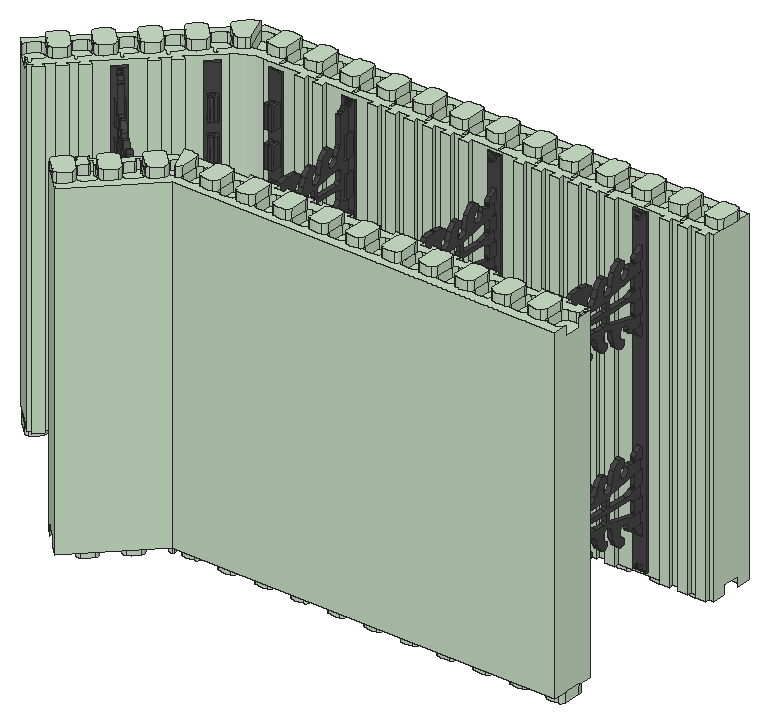
Revit family "ICF- NUDURA 8-inch- 45 Degree Form Unit- Imperial", category Generic Models, Revit 2011 (continued)
Definition of nested family "NUDURA Diamond Pattern"
  Lines and regions (in)
    model lines
      curve 5: arc (3.35367, -5.625, 17.51517) -> (3.24384, -5.625, 17.25) -> (3.35367, -5.625, 16.98484) r 0.375
      curve 6: line (3.72867, -5.625, 17.89017) -> (3.35367, -5.625, 17.51517)
      curve 7: arc (4.259, -5.625, 17.89017) -> (3.99384, -5.625, 18) -> (3.72867, -5.625, 17.89017) r 0.375
      curve 8: line (4.634, -5.625, 17.51517) -> (4.259, -5.625, 17.89017)
      curve 9: arc (4.634, -5.625, 16.98484) -> (4.74384, -5.625, 17.25) -> (4.634, -5.625, 17.51517) r 0.375
      curve 10: line (4.29059, -5.625, 16.64142) -> (4.634, -5.625, 16.98484)
      curve 11: arc (4.17062, -5.625, 17.80178) -> (3.99384, -5.625, 17.875) -> (3.81706, -5.625, 17.80178) r 0.25
      curve 12: line (4.54562, -5.625, 17.42678) -> (4.17062, -5.625, 17.80178)
      curve 13: arc (4.54562, -5.625, 17.07322) -> (4.61884, -5.625, 17.25) -> (4.54562, -5.625, 17.42678) r 0.25
      curve 14: line (4.17062, -5.625, 16.69822) -> (4.54562, -5.625, 17.07322)
      curve 15: arc (3.81706, -5.625, 16.69822) -> (3.99384, -5.625, 16.625) -> (4.17062, -5.625, 16.69822) r 0.25
      curve 16: line (3.44206, -5.625, 17.07322) -> (3.81706, -5.625, 16.69822)
      curve 17: arc (3.44206, -5.625, 17.42678) -> (3.36884, -5.625, 17.25) -> (3.44206, -5.625, 17.07322) r 0.25
      curve 18: line (3.81706, -5.625, 17.80178) -> (3.44206, -5.625, 17.42678)
      curve 19: arc (3.69709, -5.625, 16.35858) -> (3.75567, -5.625, 16.5) -> (3.69709, -5.625, 16.64142) r 0.2
      curve 20: line (4.634, -5.625, 16.01517) -> (4.29059, -5.625, 16.35858)
      curve 21: arc (4.634, -5.625, 15.48484) -> (4.74384, -5.625, 15.75) -> (4.634, -5.625, 16.01517) r 0.375
      curve 22: line (4.29059, -5.625, 15.14142) -> (4.634, -5.625, 15.48484)
      curve 23: line (3.35367, -5.625, 15.48484) -> (3.69709, -5.625, 15.14142)
      curve 24: arc (3.35367, -5.625, 16.01517) -> (3.24384, -5.625, 15.75) -> (3.35367, -5.625, 15.48484) r 0.375
      curve 25: line (3.69709, -5.625, 16.35858) -> (3.35367, -5.625, 16.01517)
      curve 26: arc (4.17062, -5.625, 16.30178) -> (3.99384, -5.625, 16.375) -> (3.81706, -5.625, 16.30178) r 0.25
      curve 27: line (3.81706, -5.625, 16.30178) -> (3.44206, -5.625, 15.92678)
      curve 28: arc (3.44206, -5.625, 15.92678) -> (3.36884, -5.625, 15.75) -> (3.44206, -5.625, 15.57322) r 0.25
      curve 29: line (3.44206, -5.625, 15.57322) -> (3.81706, -5.625, 15.19822)
      curve 30: arc (3.81706, -5.625, 15.19822) -> (3.99384, -5.625, 15.125) -> (4.17062, -5.625, 15.19822) r 0.25
      curve 31: line (4.17062, -5.625, 15.19822) -> (4.54562, -5.625, 15.57322)
      curve 32: arc (4.54562, -5.625, 15.57322) -> (4.61884, -5.625, 15.75) -> (4.54562, -5.625, 15.92678) r 0.25
      curve 33: line (4.54562, -5.625, 15.92678) -> (4.17062, -5.625, 16.30178)
      curve 34: arc (3.69709, -5.625, 14.85858) -> (3.75567, -5.625, 15) -> (3.69709, -5.625, 15.14142) r 0.2
      curve 35: line (4.634, -5.625, 14.51517) -> (4.29059, -5.625, 14.85858)
      curve 36: arc (4.634, -5.625, 13.98484) -> (4.74384, -5.625, 14.25) -> (4.634, -5.625, 14.51517) r 0.375
      curve 37: line (4.29059, -5.625, 13.64142) -> (4.634, -5.625, 13.98484)
      curve 38: line (3.35367, -5.625, 13.98484) -> (3.69709, -5.625, 13.64142)
      curve 39: arc (3.35367, -5.625, 14.51517) -> (3.24384, -5.625, 14.25) -> (3.35367, -5.625, 13.98484) r 0.375
      curve 40: line (3.69709, -5.625, 14.85858) -> (3.35367, -5.625, 14.51517)
      curve 41: arc (4.17062, -5.625, 14.80178) -> (3.99384, -5.625, 14.875) -> (3.81706, -5.625, 14.80178) r 0.25
      curve 42: line (3.81706, -5.625, 14.80178) -> (3.44206, -5.625, 14.42678)
      curve 43: arc (3.44206, -5.625, 14.42678) -> (3.36884, -5.625, 14.25) -> (3.44206, -5.625, 14.07322) r 0.25
      curve 44: line (3.44206, -5.625, 14.07322) -> (3.81706, -5.625, 13.69822)
      curve 45: arc (3.81706, -5.625, 13.69822) -> (3.99384, -5.625, 13.625) -> (4.17062, -5.625, 13.69822) r 0.25
      curve 46: line (4.17062, -5.625, 13.69822) -> (4.54562, -5.625, 14.07322)
      curve 47: arc (4.54562, -5.625, 14.07322) -> (4.61884, -5.625, 14.25) -> (4.54562, -5.625, 14.42678) r 0.25
      curve 48: line (4.54562, -5.625, 14.42678) -> (4.17062, -5.625, 14.80178)
      curve 49: arc (3.69709, -5.625, 13.35858) -> (3.75567, -5.625, 13.5) -> (3.69709, -5.625, 13.64142) r 0.2
      curve 50: line (4.634, -5.625, 13.01517) -> (4.29059, -5.625, 13.35858)
      curve 51: arc (4.634, -5.625, 12.48484) -> (4.74384, -5.625, 12.75) -> (4.634, -5.625, 13.01517) r 0.375
      curve 52: line (4.29059, -5.625, 12.14142) -> (4.634, -5.625, 12.48484)
      curve 53: line (3.35367, -5.625, 12.48484) -> (3.69709, -5.625, 12.14142)
      curve 54: arc (3.35367, -5.625, 13.01517) -> (3.24384, -5.625, 12.75) -> (3.35367, -5.625, 12.48484) r 0.375
      curve 55: line (3.69709, -5.625, 13.35858) -> (3.35367, -5.625, 13.01517)
      curve 56: arc (4.17062, -5.625, 13.30178) -> (3.99384, -5.625, 13.375) -> (3.81706, -5.625, 13.30178) r 0.25
      curve 57: line (3.81706, -5.625, 13.30178) -> (3.44206, -5.625, 12.92678)
      curve 58: arc (3.44206, -5.625, 12.92678) -> (3.36884, -5.625, 12.75) -> (3.44206, -5.625, 12.57322) r 0.25
      curve 59: line (3.44206, -5.625, 12.57322) -> (3.81706, -5.625, 12.19822)
      curve 60: arc (3.81706, -5.625, 12.19822) -> (3.99384, -5.625, 12.125) -> (4.17062, -5.625, 12.19822) r 0.25
      curve 61: line (4.17062, -5.625, 12.19822) -> (4.54562, -5.625, 12.57322)
      curve 62: arc (4.54562, -5.625, 12.57322) -> (4.61884, -5.625, 12.75) -> (4.54562, -5.625, 12.92678) r 0.25
      curve 63: line (4.54562, -5.625, 12.92678) -> (4.17062, -5.625, 13.30178)
      curve 64: arc (3.69709, -5.625, 11.85858) -> (3.75567, -5.625, 12) -> (3.69709, -5.625, 12.14142) r 0.2
      curve 65: line (4.634, -5.625, 11.51517) -> (4.29059, -5.625, 11.85858)
      curve 66: arc (4.634, -5.625, 10.98484) -> (4.74384, -5.625, 11.25) -> (4.634, -5.625, 11.51517) r 0.375
      curve 67: line (4.29059, -5.625, 10.64142) -> (4.634, -5.625, 10.98484)
      curve 68: line (3.35367, -5.625, 10.98484) -> (3.69709, -5.625, 10.64142)
      curve 69: arc (3.35367, -5.625, 11.51517) -> (3.24384, -5.625, 11.25) -> (3.35367, -5.625, 10.98484) r 0.375
      curve 70: line (3.69709, -5.625, 11.85858) -> (3.35367, -5.625, 11.51517)
      curve 71: arc (4.17062, -5.625, 11.80178) -> (3.99384, -5.625, 11.875) -> (3.81706, -5.625, 11.80178) r 0.25
      curve 72: line (3.81706, -5.625, 11.80178) -> (3.44206, -5.625, 11.42678)
      curve 73: arc (3.44206, -5.625, 11.42678) -> (3.36884, -5.625, 11.25) -> (3.44206, -5.625, 11.07322) r 0.25
      curve 74: line (3.44206, -5.625, 11.07322) -> (3.81706, -5.625, 10.69822)
      curve 75: arc (3.81706, -5.625, 10.69822) -> (3.99384, -5.625, 10.625) -> (4.17062, -5.625, 10.69822) r 0.25
      curve 76: line (4.17062, -5.625, 10.69822) -> (4.54562, -5.625, 11.07322)
      curve 77: arc (4.54562, -5.625, 11.07322) -> (4.61884, -5.625, 11.25) -> (4.54562, -5.625, 11.42678) r 0.25
      curve 78: line (4.54562, -5.625, 11.42678) -> (4.17062, -5.625, 11.80178)
      curve 79: arc (3.69709, -5.625, 10.35858) -> (3.75567, -5.625, 10.5) -> (3.69709, -5.625, 10.64142) r 0.2
      curve 80: line (4.634, -5.625, 10.01517) -> (4.29059, -5.625, 10.35858)
      curve 81: arc (4.634, -5.625, 9.48484) -> (4.74384, -5.625, 9.75) -> (4.634, -5.625, 10.01517) r 0.375
      curve 82: line (4.29059, -5.625, 9.14142) -> (4.634, -5.625, 9.48484)
      curve 83: line (3.35367, -5.625, 9.48484) -> (3.69709, -5.625, 9.14142)
      curve 84: arc (3.35367, -5.625, 10.01517) -> (3.24384, -5.625, 9.75) -> (3.35367, -5.625, 9.48484) r 0.375
      curve 85: line (3.69709, -5.625, 10.35858) -> (3.35367, -5.625, 10.01517)
      curve 86: arc (4.17062, -5.625, 10.30178) -> (3.99384, -5.625, 10.375) -> (3.81706, -5.625, 10.30178) r 0.25
      curve 87: line (3.81706, -5.625, 10.30178) -> (3.44206, -5.625, 9.92678)
      curve 88: arc (3.44206, -5.625, 9.92678) -> (3.36884, -5.625, 9.75) -> (3.44206, -5.625, 9.57322) r 0.25
      curve 89: line (3.44206, -5.625, 9.57322) -> (3.81706, -5.625, 9.19822)
      curve 90: arc (3.81706, -5.625, 9.19822) -> (3.99384, -5.625, 9.125) -> (4.17062, -5.625, 9.19822) r 0.25
      curve 91: line (4.17062, -5.625, 9.19822) -> (4.54562, -5.625, 9.57322)
      curve 92: arc (4.54562, -5.625, 9.57322) -> (4.61884, -5.625, 9.75) -> (4.54562, -5.625, 9.92678) r 0.25
      curve 93: line (4.54562, -5.625, 9.92678) -> (4.17062, -5.625, 10.30178)
      curve 94: arc (3.69709, -5.625, 8.85858) -> (3.75567, -5.625, 9) -> (3.69709, -5.625, 9.14142) r 0.2
      curve 95: line (4.634, -5.625, 8.51517) -> (4.29059, -5.625, 8.85858)
      curve 96: arc (4.634, -5.625, 7.98484) -> (4.74384, -5.625, 8.25) -> (4.634, -5.625, 8.51517) r 0.375
      curve 97: line (4.29059, -5.625, 7.64142) -> (4.634, -5.625, 7.98484)
      curve 98: line (3.35367, -5.625, 7.98484) -> (3.69709, -5.625, 7.64142)
      curve 99: arc (3.35367, -5.625, 8.51517) -> (3.24384, -5.625, 8.25) -> (3.35367, -5.625, 7.98484) r 0.375
      curve 100: line (3.69709, -5.625, 8.85858) -> (3.35367, -5.625, 8.51517)
      curve 101: arc (4.17062, -5.625, 8.80178) -> (3.99384, -5.625, 8.875) -> (3.81706, -5.625, 8.80178) r 0.25
      curve 102: line (3.81706, -5.625, 8.80178) -> (3.44206, -5.625, 8.42678)
      curve 103: arc (3.44206, -5.625, 8.42678) -> (3.36884, -5.625, 8.25) -> (3.44206, -5.625, 8.07322) r 0.25
      curve 104: line (3.44206, -5.625, 8.07322) -> (3.81706, -5.625, 7.69822)
      curve 105: arc (3.81706, -5.625, 7.69822) -> (3.99384, -5.625, 7.625) -> (4.17062, -5.625, 7.69822) r 0.25
      curve 106: line (4.17062, -5.625, 7.69822) -> (4.54562, -5.625, 8.07322)
      curve 107: arc (4.54562, -5.625, 8.07322) -> (4.61884, -5.625, 8.25) -> (4.54562, -5.625, 8.42678) r 0.25
      curve 108: line (4.54562, -5.625, 8.42678) -> (4.17062, -5.625, 8.80178)
      curve 109: arc (3.69709, -5.625, 7.35858) -> (3.75567, -5.625, 7.5) -> (3.69709, -5.625, 7.64142) r 0.2
      curve 110: line (4.634, -5.625, 7.01517) -> (4.29059, -5.625, 7.35858)
      curve 111: arc (4.634, -5.625, 6.48484) -> (4.74384, -5.625, 6.75) -> (4.634, -5.625, 7.01517) r 0.375
      curve 112: line (4.29059, -5.625, 6.14142) -> (4.634, -5.625, 6.48484)
      curve 113: line (3.35367, -5.625, 6.48484) -> (3.69709, -5.625, 6.14142)
      curve 114: arc (3.35367, -5.625, 7.01517) -> (3.24384, -5.625, 6.75) -> (3.35367, -5.625, 6.48484) r 0.375
      curve 115: line (3.69709, -5.625, 7.35858) -> (3.35367, -5.625, 7.01517)
      curve 116: arc (4.17062, -5.625, 7.30178) -> (3.99384, -5.625, 7.375) -> (3.81706, -5.625, 7.30178) r 0.25
      curve 117: line (3.81706, -5.625, 7.30178) -> (3.44206, -5.625, 6.92678)
      curve 118: arc (3.44206, -5.625, 6.92678) -> (3.36884, -5.625, 6.75) -> (3.44206, -5.625, 6.57322) r 0.25
      curve 119: line (3.44206, -5.625, 6.57322) -> (3.81706, -5.625, 6.19822)
      curve 120: arc (3.81706, -5.625, 6.19822) -> (3.99384, -5.625, 6.125) -> (4.17062, -5.625, 6.19822) r 0.25
      curve 121: line (4.17062, -5.625, 6.19822) -> (4.54562, -5.625, 6.57322)
      curve 122: arc (4.54562, -5.625, 6.57322) -> (4.61884, -5.625, 6.75) -> (4.54562, -5.625, 6.92678) r 0.25
      curve 123: line (4.54562, -5.625, 6.92678) -> (4.17062, -5.625, 7.30178)
      curve 124: arc (3.69709, -5.625, 5.85858) -> (3.75567, -5.625, 6) -> (3.69709, -5.625, 6.14142) r 0.2
      curve 125: line (4.634, -5.625, 5.51517) -> (4.29059, -5.625, 5.85858)
      curve 126: arc (4.634, -5.625, 4.98484) -> (4.74384, -5.625, 5.25) -> (4.634, -5.625, 5.51517) r 0.375
      curve 127: line (4.29059, -5.625, 4.64142) -> (4.634, -5.625, 4.98484)
      curve 128: line (3.35367, -5.625, 4.98484) -> (3.69709, -5.625, 4.64142)
      curve 129: arc (3.35367, -5.625, 5.51517) -> (3.24384, -5.625, 5.25) -> (3.35367, -5.625, 4.98484) r 0.375
      curve 130: line (3.69709, -5.625, 5.85858) -> (3.35367, -5.625, 5.51517)
      curve 131: arc (4.17062, -5.625, 5.80178) -> (3.99384, -5.625, 5.875) -> (3.81706, -5.625, 5.80178) r 0.25
      curve 132: line (3.81706, -5.625, 5.80178) -> (3.44206, -5.625, 5.42678)
      curve 133: arc (3.44206, -5.625, 5.42678) -> (3.36884, -5.625, 5.25) -> (3.44206, -5.625, 5.07322) r 0.25
      curve 134: line (3.44206, -5.625, 5.07322) -> (3.81706, -5.625, 4.69822)
      curve 135: arc (3.81706, -5.625, 4.69822) -> (3.99384, -5.625, 4.625) -> (4.17062, -5.625, 4.69822) r 0.25
      curve 136: line (4.17062, -5.625, 4.69822) -> (4.54562, -5.625, 5.07322)
      curve 137: arc (4.54562, -5.625, 5.07322) -> (4.61884, -5.625, 5.25) -> (4.54562, -5.625, 5.42678) r 0.25
      curve 138: line (4.54562, -5.625, 5.42678) -> (4.17062, -5.625, 5.80178)
      curve 139: arc (3.69709, -5.625, 4.35858) -> (3.75567, -5.625, 4.5) -> (3.69709, -5.625, 4.64142) r 0.2
      curve 140: line (4.634, -5.625, 4.01517) -> (4.29059, -5.625, 4.35858)
      curve 141: arc (4.634, -5.625, 3.48484) -> (4.74384, -5.625, 3.75) -> (4.634, -5.625, 4.01517) r 0.375
      curve 142: line (4.29059, -5.625, 3.14142) -> (4.634, -5.625, 3.48484)
      curve 143: line (3.35367, -5.625, 3.48484) -> (3.69709, -5.625, 3.14142)
      curve 144: arc (3.35367, -5.625, 4.01517) -> (3.24384, -5.625, 3.75) -> (3.35367, -5.625, 3.48484) r 0.375
      curve 145: line (3.69709, -5.625, 4.35858) -> (3.35367, -5.625, 4.01517)
      curve 146: arc (4.17062, -5.625, 4.30178) -> (3.99384, -5.625, 4.375) -> (3.81706, -5.625, 4.30178) r 0.25
      curve 147: line (3.81706, -5.625, 4.30178) -> (3.44206, -5.625, 3.92678)
      curve 148: arc (3.44206, -5.625, 3.92678) -> (3.36884, -5.625, 3.75) -> (3.44206, -5.625, 3.57322) r 0.25
      curve 149: line (3.44206, -5.625, 3.57322) -> (3.81706, -5.625, 3.19822)
      curve 150: arc (3.81706, -5.625, 3.19822) -> (3.99384, -5.625, 3.125) -> (4.17062, -5.625, 3.19822) r 0.25
      curve 151: line (4.17062, -5.625, 3.19822) -> (4.54562, -5.625, 3.57322)
      curve 152: arc (4.54562, -5.625, 3.57322) -> (4.61884, -5.625, 3.75) -> (4.54562, -5.625, 3.92678) r 0.25
      curve 153: line (4.54562, -5.625, 3.92678) -> (4.17062, -5.625, 4.30178)
      curve 154: arc (3.69709, -5.625, 2.85858) -> (3.75567, -5.625, 3) -> (3.69709, -5.625, 3.14142) r 0.2
      curve 155: line (4.634, -5.625, 2.51517) -> (4.29059, -5.625, 2.85858)
      curve 156: arc (4.634, -5.625, 1.98484) -> (4.74384, -5.625, 2.25) -> (4.634, -5.625, 2.51517) r 0.375
      curve 157: line (4.29059, -5.625, 1.64142) -> (4.634, -5.625, 1.98484)
      curve 158: line (3.35367, -5.625, 1.98484) -> (3.69709, -5.625, 1.64142)
      curve 159: arc (3.35367, -5.625, 2.51517) -> (3.24384, -5.625, 2.25) -> (3.35367, -5.625, 1.98484) r 0.375
      curve 160: line (3.69709, -5.625, 2.85858) -> (3.35367, -5.625, 2.51517)
      curve 161: arc (4.17062, -5.625, 2.80178) -> (3.99384, -5.625, 2.875) -> (3.81706, -5.625, 2.80178) r 0.25
      curve 162: line (3.81706, -5.625, 2.80178) -> (3.44206, -5.625, 2.42678)
      curve 163: arc (3.44206, -5.625, 2.42678) -> (3.36884, -5.625, 2.25) -> (3.44206, -5.625, 2.07322) r 0.25
      curve 164: line (3.44206, -5.625, 2.07322) -> (3.81706, -5.625, 1.69822)
      curve 165: arc (3.81706, -5.625, 1.69822) -> (3.99384, -5.625, 1.625) -> (4.17062, -5.625, 1.69822) r 0.25
      curve 166: line (4.17062, -5.625, 1.69822) -> (4.54562, -5.625, 2.07322)
      curve 167: arc (4.54562, -5.625, 2.07322) -> (4.61884, -5.625, 2.25) -> (4.54562, -5.625, 2.42678) r 0.25
      curve 168: line (4.54562, -5.625, 2.42678) -> (4.17062, -5.625, 2.80178)
      curve 169: arc (3.69709, -5.625, 1.35858) -> (3.75567, -5.625, 1.5) -> (3.69709, -5.625, 1.64142) r 0.2
      curve 170: line (3.69709, -5.625, 1.35858) -> (3.35367, -5.625, 1.01517)
      curve 171: arc (3.35367, -5.625, 1.01517) -> (3.24384, -5.625, 0.75) -> (3.35367, -5.625, 0.48484) r 0.375
      curve 172: line (3.35367, -5.625, 0.48484) -> (3.72867, -5.625, 0.10984)
      curve 173: arc (3.72867, -5.625, 0.10984) -> (3.99384, -5.625, 0) -> (4.259, -5.625, 0.10984) r 0.375
      curve 174: line (4.259, -5.625, 0.10984) -> (4.634, -5.625, 0.48484)
      curve 175: arc (4.634, -5.625, 0.48484) -> (4.74384, -5.625, 0.75) -> (4.634, -5.625, 1.01517) r 0.375
      curve 176: line (4.634, -5.625, 1.01517) -> (4.29059, -5.625, 1.35858)
      curve 177: arc (4.29059, -5.625, 1.64142) -> (4.23201, -5.625, 1.5) -> (4.29059, -5.625, 1.35858) r 0.2
      curve 178: arc (4.17062, -5.625, 1.30178) -> (3.99384, -5.625, 1.375) -> (3.81706, -5.625, 1.30178) r 0.25
      curve 179: line (4.54562, -5.625, 0.92678) -> (4.17062, -5.625, 1.30178)
      curve 180: arc (4.54562, -5.625, 0.57322) -> (4.61884, -5.625, 0.75) -> (4.54562, -5.625, 0.92678) r 0.25
      curve 181: line (4.17062, -5.625, 0.19822) -> (4.54562, -5.625, 0.57322)
      curve 182: arc (3.81706, -5.625, 0.19822) -> (3.99384, -5.625, 0.125) -> (4.17062, -5.625, 0.19822) r 0.25
      curve 183: line (3.44206, -5.625, 0.57322) -> (3.81706, -5.625, 0.19822)
      curve 184: arc (3.44206, -5.625, 0.92678) -> (3.36884, -5.625, 0.75) -> (3.44206, -5.625, 0.57322) r 0.25
      curve 185: line (3.81706, -5.625, 1.30178) -> (3.44206, -5.625, 0.92678)
      curve 186: arc (4.29059, -5.625, 3.14142) -> (4.23201, -5.625, 3) -> (4.29059, -5.625, 2.85858) r 0.2
      curve 187: arc (4.29059, -5.625, 4.64142) -> (4.23201, -5.625, 4.5) -> (4.29059, -5.625, 4.35858) r 0.2
      curve 188: arc (4.29059, -5.625, 6.14142) -> (4.23201, -5.625, 6) -> (4.29059, -5.625, 5.85858) r 0.2
      curve 189: arc (4.29059, -5.625, 7.64142) -> (4.23201, -5.625, 7.5) -> (4.29059, -5.625, 7.35858) r 0.2
      curve 190: arc (4.29059, -5.625, 9.14142) -> (4.23201, -5.625, 9) -> (4.29059, -5.625, 8.85858) r 0.2
      curve 191: arc (4.29059, -5.625, 10.64142) -> (4.23201, -5.625, 10.5) -> (4.29059, -5.625, 10.35858) r 0.2
      curve 192: arc (4.29059, -5.625, 12.14142) -> (4.23201, -5.625, 12) -> (4.29059, -5.625, 11.85858) r 0.2
      curve 193: arc (4.29059, -5.625, 13.64142) -> (4.23201, -5.625, 13.5) -> (4.29059, -5.625, 13.35858) r 0.2
      curve 194: arc (4.29059, -5.625, 15.14142) -> (4.23201, -5.625, 15) -> (4.29059, -5.625, 14.85858) r 0.2
      curve 195: arc (4.29059, -5.625, 16.64142) -> (4.23201, -5.625, 16.5) -> (4.29059, -5.625, 16.35858) r 0.2
Definition of nested family "NUDURA Logo Diamond"
  Reference planes (in)
    plane 1 "Center (Front/Back)": y = 0
    plane 2: z = 0
    plane 3 "Center (Left/Right)": x = 0
  Lines and regions (in)
    model lines
      curve 1: line (12.59848, 0, 17.50104) -> (12.24492, 0, 17.85459)
      curve 2: line (12.36113, 0, 16.76872) -> (12.59848, 0, 17.00607)
      curve 3: line (12.59848, 0, 16.00104) -> (12.36113, 0, 16.23839)
      curve 4: line (12.36113, 0, 15.26872) -> (12.59848, 0, 15.50607)
      curve 5: line (12.59848, 0, 14.50104) -> (12.36113, 0, 14.73839)
      curve 6: line (12.36113, 0, 13.76872) -> (12.59848, 0, 14.00607)
      curve 7: line (12.17421, 0, 13.28388) -> (12.71208, 0, 12.74602)
      curve 8: line (12.71208, 0, 12.74602) -> (12.78279, 0, 12.81673)
      curve 9: line (11.28279, 0, 12.74602) -> (11.82066, 0, 13.28388)
      curve 10: line (11.63374, 0, 13.23839) -> (11.21208, 0, 12.81673)
      curve 11: line (11.3964, 0, 14.00607) -> (11.63374, 0, 13.76872)
      curve 12: line (11.63374, 0, 14.73839) -> (11.3964, 0, 14.50104)
      curve 13: line (11.3964, 0, 15.50607) -> (11.63374, 0, 15.26872)
      curve 14: line (11.63374, 0, 16.23839) -> (11.3964, 0, 16.00104)
      curve 15: line (11.3964, 0, 17.00607) -> (11.63374, 0, 16.76872)
      curve 16: line (11.74995, 0, 17.85459) -> (11.3964, 0, 17.50104)
      curve 17: line (11.82066, 0, 17.78388) -> (11.46711, 0, 17.43033)
      curve 18: line (12.52777, 0, 17.43033) -> (12.17421, 0, 17.78388)
      curve 19: line (12.17421, 0, 16.72322) -> (12.52777, 0, 17.07678)
      curve 20: line (11.46711, 0, 17.07678) -> (11.82066, 0, 16.72322)
      curve 21: arc (11.3964, 0, 17.50104) -> (11.29388, 0, 17.25355) -> (11.3964, 0, 17.00607) r 0.35
      curve 22: arc (11.74995, 0, 17.85459) -> (11.99744, 0, 17.95711) -> (12.24492, 0, 17.85459) r 0.35
      curve 23: arc (11.46711, 0, 17.43033) -> (11.39388, 0, 17.25355) -> (11.46711, 0, 17.07678) r 0.25
      curve 24: arc (12.52777, 0, 17.43033) -> (12.60099, 0, 17.25355) -> (12.52777, 0, 17.07678) r 0.25
      curve 25: arc (12.17421, 0, 16.72322) -> (11.99744, 0, 16.65) -> (11.82066, 0, 16.72322) r 0.25
      curve 26: arc (11.82066, 0, 17.78388) -> (11.99744, 0, 17.85711) -> (12.17421, 0, 17.78388) r 0.25
      curve 27: arc (12.59848, 0, 17.50104) -> (12.70099, 0, 17.25355) -> (12.59848, 0, 17.00607) r 0.35
      curve 28: arc (11.63374, 0, 16.76872) -> (11.74358, 0, 16.50355) -> (11.63374, 0, 16.23839) r 0.375
      curve 29: arc (12.36113, 0, 16.76872) -> (12.2513, 0, 16.50355) -> (12.36113, 0, 16.23839) r 0.375
      curve 30: line (12.36113, 0, 15.26872) -> (12.59848, 0, 15.50607)
      curve 31: line (11.3964, 0, 15.50607) -> (11.63374, 0, 15.26872)
      curve 32: line (11.82066, 0, 16.28388) -> (11.46711, 0, 15.93033)
      curve 33: line (12.52777, 0, 15.93033) -> (12.17421, 0, 16.28388)
      curve 34: line (12.17421, 0, 15.22322) -> (12.52777, 0, 15.57678)
      curve 35: line (11.46711, 0, 15.57678) -> (11.82066, 0, 15.22322)
      curve 36: arc (11.3964, 0, 16.00104) -> (11.29388, 0, 15.75355) -> (11.3964, 0, 15.50607) r 0.35
      curve 37: arc (11.46711, 0, 15.93033) -> (11.39388, 0, 15.75355) -> (11.46711, 0, 15.57678) r 0.25
      curve 38: arc (12.52777, 0, 15.93033) -> (12.60099, 0, 15.75355) -> (12.52777, 0, 15.57678) r 0.25
      curve 39: arc (12.17421, 0, 15.22322) -> (11.99744, 0, 15.15) -> (11.82066, 0, 15.22322) r 0.25
      curve 40: arc (11.82066, 0, 16.28388) -> (11.99744, 0, 16.35711) -> (12.17421, 0, 16.28388) r 0.25
      curve 41: arc (12.59848, 0, 16.00104) -> (12.70099, 0, 15.75355) -> (12.59848, 0, 15.50607) r 0.35
      curve 42: line (11.63374, 0, 16.23839) -> (11.3964, 0, 16.00104)
      curve 43: line (12.59848, 0, 16.00104) -> (12.36113, 0, 16.23839)
      curve 44: arc (11.63374, 0, 15.26872) -> (11.74358, 0, 15.00355) -> (11.63374, 0, 14.73839) r 0.375
      curve 45: arc (12.36113, 0, 15.26872) -> (12.2513, 0, 15.00355) -> (12.36113, 0, 14.73839) r 0.375
      curve 46: line (12.36113, 0, 13.76872) -> (12.59848, 0, 14.00607)
      curve 47: line (11.3964, 0, 14.00607) -> (11.63374, 0, 13.76872)
      curve 48: line (11.82066, 0, 14.78388) -> (11.46711, 0, 14.43033)
      curve 49: line (12.52777, 0, 14.43033) -> (12.17421, 0, 14.78388)
      curve 50: line (12.17421, 0, 13.72322) -> (12.52777, 0, 14.07678)
      curve 51: line (11.46711, 0, 14.07678) -> (11.82066, 0, 13.72322)
      curve 52: arc (11.3964, 0, 14.50104) -> (11.29388, 0, 14.25355) -> (11.3964, 0, 14.00607) r 0.35
      curve 53: arc (11.46711, 0, 14.43033) -> (11.39388, 0, 14.25355) -> (11.46711, 0, 14.07678) r 0.25
      curve 54: arc (12.52777, 0, 14.43033) -> (12.60099, 0, 14.25355) -> (12.52777, 0, 14.07678) r 0.25
      curve 55: arc (12.17421, 0, 13.72322) -> (11.99744, 0, 13.65) -> (11.82066, 0, 13.72322) r 0.25
      curve 56: arc (11.82066, 0, 14.78388) -> (11.99744, 0, 14.85711) -> (12.17421, 0, 14.78388) r 0.25
      curve 57: arc (12.59848, 0, 14.50104) -> (12.70099, 0, 14.25355) -> (12.59848, 0, 14.00607) r 0.35
      curve 58: line (11.63374, 0, 14.73839) -> (11.3964, 0, 14.50104)
      curve 59: arc (11.63374, 0, 13.76872) -> (11.74358, 0, 13.50355) -> (11.63374, 0, 13.23839) r 0.375
      curve 60: arc (12.36113, 0, 13.76872) -> (12.2513, 0, 13.50355) -> (12.36113, 0, 13.23839) r 0.375
      curve 61: line (12.78279, 0, 12.81673) -> (12.36113, 0, 13.23839)
      curve 62: line (11.21208, 0, 12.81673) -> (11.28279, 0, 12.74602)
      curve 63: arc (11.82066, 0, 13.28388) -> (11.99744, 0, 13.35711) -> (12.17421, 0, 13.28388) r 0.25
      curve 64: line (12.59848, 0, 0.50607) -> (12.24492, 0, 0.15251)
      curve 65: line (12.36113, 0, 1.23839) -> (12.59848, 0, 1.00104)
      curve 66: line (12.59848, 0, 2.00607) -> (12.36113, 0, 1.76872)
      curve 67: line (12.36113, 0, 2.73839) -> (12.59848, 0, 2.50104)
      curve 68: line (12.59848, 0, 3.50607) -> (12.36113, 0, 3.26872)
      curve 69: line (12.36113, 0, 4.23839) -> (12.59848, 0, 4.00104)
      curve 70: line (12.17421, 0, 4.72322) -> (12.71208, 0, 5.26109)
      curve 71: line (12.71208, 0, 5.26109) -> (12.78279, 0, 5.19038)
      curve 72: line (11.28279, 0, 5.26109) -> (11.82066, 0, 4.72322)
      curve 73: line (11.63374, 0, 4.76872) -> (11.21208, 0, 5.19038)
      curve 74: line (11.3964, 0, 4.00104) -> (11.63374, 0, 4.23839)
      curve 75: line (11.63374, 0, 3.26872) -> (11.3964, 0, 3.50607)
      curve 76: line (11.3964, 0, 2.50104) -> (11.63374, 0, 2.73839)
      curve 77: line (11.63374, 0, 1.76872) -> (11.3964, 0, 2.00607)
      curve 78: line (11.3964, 0, 1.00104) -> (11.63374, 0, 1.23839)
      curve 79: line (11.74995, 0, 0.15251) -> (11.3964, 0, 0.50607)
      curve 80: line (11.82066, 0, 0.22322) -> (11.46711, 0, 0.57678)
      curve 81: line (12.52777, 0, 0.57678) -> (12.17421, 0, 0.22322)
      curve 82: line (12.17421, 0, 1.28388) -> (12.52777, 0, 0.93033)
      curve 83: line (11.46711, 0, 0.93033) -> (11.82066, 0, 1.28388)
      curve 84: arc (11.3964, 0, 0.50607) -> (11.29388, 0, 0.75355) -> (11.3964, 0, 1.00104) r 0.35
      curve 85: arc (11.74995, 0, 0.15251) -> (11.99744, 0, 0.05) -> (12.24492, 0, 0.15251) r 0.35
      curve 86: arc (11.46711, 0, 0.57678) -> (11.39388, 0, 0.75355) -> (11.46711, 0, 0.93033) r 0.25
      curve 87: arc (12.52777, 0, 0.57678) -> (12.60099, 0, 0.75355) -> (12.52777, 0, 0.93033) r 0.25
      curve 88: arc (12.17421, 0, 1.28388) -> (11.99744, 0, 1.35711) -> (11.82066, 0, 1.28388) r 0.25
      curve 89: arc (11.82066, 0, 0.22322) -> (11.99744, 0, 0.15) -> (12.17421, 0, 0.22322) r 0.25
      curve 90: arc (12.59848, 0, 0.50607) -> (12.70099, 0, 0.75355) -> (12.59848, 0, 1.00104) r 0.35
      curve 91: arc (11.63374, 0, 1.23839) -> (11.74358, 0, 1.50355) -> (11.63374, 0, 1.76872) r 0.375
      curve 92: arc (12.36113, 0, 1.23839) -> (12.2513, 0, 1.50355) -> (12.36113, 0, 1.76872) r 0.375
      curve 93: line (12.36113, 0, 2.73839) -> (12.59848, 0, 2.50104)
      curve 94: line (11.3964, 0, 2.50104) -> (11.63374, 0, 2.73839)
      curve 95: line (11.82066, 0, 1.72322) -> (11.46711, 0, 2.07678)
      curve 96: line (12.52777, 0, 2.07678) -> (12.17421, 0, 1.72322)
      curve 97: line (12.17421, 0, 2.78388) -> (12.52777, 0, 2.43033)
      curve 98: line (11.46711, 0, 2.43033) -> (11.82066, 0, 2.78388)
      curve 99: arc (11.3964, 0, 2.00607) -> (11.29388, 0, 2.25355) -> (11.3964, 0, 2.50104) r 0.35
      curve 100: arc (11.46711, 0, 2.07678) -> (11.39388, 0, 2.25355) -> (11.46711, 0, 2.43033) r 0.25
      curve 101: arc (12.52777, 0, 2.07678) -> (12.60099, 0, 2.25355) -> (12.52777, 0, 2.43033) r 0.25
      curve 102: arc (12.17421, 0, 2.78388) -> (11.99744, 0, 2.85711) -> (11.82066, 0, 2.78388) r 0.25
      curve 103: arc (11.82066, 0, 1.72322) -> (11.99744, 0, 1.65) -> (12.17421, 0, 1.72322) r 0.25
      curve 104: arc (12.59848, 0, 2.00607) -> (12.70099, 0, 2.25355) -> (12.59848, 0, 2.50104) r 0.35
      curve 105: line (11.63374, 0, 1.76872) -> (11.3964, 0, 2.00607)
      curve 106: line (12.59848, 0, 2.00607) -> (12.36113, 0, 1.76872)
      curve 107: arc (11.63374, 0, 2.73839) -> (11.74358, 0, 3.00355) -> (11.63374, 0, 3.26872) r 0.375
      curve 108: arc (12.36113, 0, 2.73839) -> (12.2513, 0, 3.00355) -> (12.36113, 0, 3.26872) r 0.375
      curve 109: line (12.36113, 0, 4.23839) -> (12.59848, 0, 4.00104)
      curve 110: line (11.3964, 0, 4.00104) -> (11.63374, 0, 4.23839)
      curve 111: line (11.82066, 0, 3.22322) -> (11.46711, 0, 3.57678)
      curve 112: line (12.52777, 0, 3.57678) -> (12.17421, 0, 3.22322)
      curve 113: line (12.17421, 0, 4.28388) -> (12.52777, 0, 3.93033)
      curve 114: line (11.46711, 0, 3.93033) -> (11.82066, 0, 4.28388)
      curve 115: arc (11.3964, 0, 3.50607) -> (11.29388, 0, 3.75355) -> (11.3964, 0, 4.00104) r 0.35
      curve 116: arc (11.46711, 0, 3.57678) -> (11.39388, 0, 3.75355) -> (11.46711, 0, 3.93033) r 0.25
      curve 117: arc (12.52777, 0, 3.57678) -> (12.60099, 0, 3.75355) -> (12.52777, 0, 3.93033) r 0.25
      curve 118: arc (12.17421, 0, 4.28388) -> (11.99744, 0, 4.35711) -> (11.82066, 0, 4.28388) r 0.25
      curve 119: arc (11.82066, 0, 3.22322) -> (11.99744, 0, 3.15) -> (12.17421, 0, 3.22322) r 0.25
      curve 120: arc (12.59848, 0, 3.50607) -> (12.70099, 0, 3.75355) -> (12.59848, 0, 4.00104) r 0.35
      curve 121: line (11.63374, 0, 3.26872) -> (11.3964, 0, 3.50607)
      curve 122: arc (11.63374, 0, 4.23839) -> (11.74358, 0, 4.50355) -> (11.63374, 0, 4.76872) r 0.375
      curve 123: arc (12.36113, 0, 4.23839) -> (12.2513, 0, 4.50355) -> (12.36113, 0, 4.76872) r 0.375
      curve 124: line (12.78279, 0, 5.19038) -> (12.36113, 0, 4.76872)
      curve 125: line (11.21208, 0, 5.19038) -> (11.28279, 0, 5.26109)
      curve 126: arc (11.82066, 0, 4.72322) -> (11.99744, 0, 4.65) -> (12.17421, 0, 4.72322) r 0.25
      curve 127: line (12.37244, 0, 12.50355) -> (11.62244, 0, 12.50355)
      curve 128: line (12.74744, 0, 5.87855) -> (12.74744, 0, 12.12855)
      curve 129: line (11.24744, 0, 12.12855) -> (11.24744, 0, 5.87855)
      curve 130: line (11.62244, 0, 5.50355) -> (12.37244, 0, 5.50355)
      curve 131: line (12.47232, 0, 12.00355) -> (12.0393, 0, 12.25355)
      curve 132: line (12.47232, 0, 11.50355) -> (12.47232, 0, 12.00355)
      curve 133: line (12.25581, 0, 11.37855) -> (12.47232, 0, 11.50355)
      curve 134: line (12.02256, 0, 11.51322) -> (12.25581, 0, 11.37855)
      curve 135: line (12.22232, 0, 11.62855) -> (12.02256, 0, 11.51322)
      curve 136: line (11.80605, 0, 12.11888) -> (12.22232, 0, 11.87855)
      curve 137: line (12.22232, 0, 11.87855) -> (12.22232, 0, 11.62855)
      curve 138: line (12.0393, 0, 12.25355) -> (11.80605, 0, 12.11888)
      curve 139: line (11.77256, 0, 11.63822) -> (11.97232, 0, 11.75355)
      curve 140: line (11.97232, 0, 11.75355) -> (11.73906, 0, 11.88822)
      curve 141: line (11.73906, 0, 11.88822) -> (11.52256, 0, 11.76322)
      curve 142: line (11.52256, 0, 11.76322) -> (11.52256, 0, 11.26322)
      curve 143: line (11.77256, 0, 11.38822) -> (11.77256, 0, 11.63822)
      curve 144: line (12.18882, 0, 11.14789) -> (11.77256, 0, 11.38822)
      curve 145: line (11.95557, 0, 11.01322) -> (12.18882, 0, 11.14789)
      curve 146: line (11.52256, 0, 11.26322) -> (11.95557, 0, 11.01322)
      curve 147: line (12.31108, 0, 10.60411) -> (11.68379, 0, 10.74458)
      curve 148: line (11.68379, 0, 10.74458) -> (11.68379, 0, 10.51321)
      curve 149: line (11.68379, 0, 10.51321) -> (12.1295, 0, 10.41405)
      curve 150: line (12.1295, 0, 10.41405) -> (11.68379, 0, 10.27358)
      curve 151: line (11.68379, 0, 10.27358) -> (11.68379, 0, 9.8852)
      curve 152: line (11.68379, 0, 9.8852) -> (12.17077, 0, 9.77615)
      curve 153: line (12.17077, 0, 9.77615) -> (12.17077, 0, 9.74472)
      curve 154: line (12.17077, 0, 9.74472) -> (11.86146, 0, 9.80279)
      curve 155: line (11.68379, 0, 9.65536) -> (11.68379, 0, 9.35864)
      curve 156: line (12.07077, 0, 8.74385) -> (12.07077, 0, 8.99996)
      curve 157: line (12.07077, 0, 8.99996) -> (11.68379, 0, 9.08605)
      curve 158: line (11.68379, 0, 9.08605) -> (11.68379, 0, 8.47809)
      curve 159: line (11.91823, 0, 9.06589) -> (12.31108, 0, 8.97792)
      curve 160: line (11.82444, 0, 8.55476) -> (11.82444, 0, 8.79865)
      curve 161: line (11.82444, 0, 8.79865) -> (12.07077, 0, 8.74385)
      curve 162: line (11.68379, 0, 8.07193) -> (11.68379, 0, 7.77522)
      curve 163: line (11.91823, 0, 7.48247) -> (12.21108, 0, 7.41688)
      curve 164: line (12.21108, 0, 7.41688) -> (12.21108, 0, 6.95405)
      curve 165: line (12.16108, 0, 6.90405) -> (12.12077, 0, 6.90405)
      curve 166: line (12.07077, 0, 6.95405) -> (12.07077, 0, 7.08675)
      curve 167: line (12.07077, 0, 7.08675) -> (12.12077, 0, 7.07556)
      curve 168: line (12.12077, 0, 7.07556) -> (12.12077, 0, 7.33463)
      curve 169: line (12.12077, 0, 7.33463) -> (11.68379, 0, 7.43249)
      curve 170: line (11.68379, 0, 7.43249) -> (11.68379, 0, 7.17341)
      curve 171: line (11.68379, 0, 7.17341) -> (11.97077, 0, 7.10915)
      curve 172: line (11.97077, 0, 7.10915) -> (11.97077, 0, 6.99425)
      curve 173: line (11.92077, 0, 6.94425) -> (11.68379, 0, 6.94425)
      curve 174: line (11.68379, 0, 6.94425) -> (11.68379, 0, 6.45682)
      curve 175: line (11.68379, 0, 6.45682) -> (11.78284, 0, 6.38658)
      curve 176: line (11.78284, 0, 6.38658) -> (11.78284, 0, 6.05178)
      curve 177: line (12.12371, 0, 6.14486) -> (11.88284, 0, 6.31567)
      curve 178: line (11.88284, 0, 6.31567) -> (11.88284, 0, 6.07909)
      curve 179: line (11.88284, 0, 6.07909) -> (12.12371, 0, 6.14486)
      curve 180: line (11.78284, 0, 6.05178) -> (11.68379, 0, 6.02474)
      curve 181: line (11.68379, 0, 6.02474) -> (11.68379, 0, 5.75355)
      curve 182: line (11.68379, 0, 5.75355) -> (12.31108, 0, 5.92483)
      curve 183: line (12.31108, 0, 5.92483) -> (12.31108, 0, 6.28791)
      curve 184: line (12.31108, 0, 6.28791) -> (11.76249, 0, 6.67694)
      curve 185: line (11.76249, 0, 6.67694) -> (11.90321, 0, 6.67694)
      curve 186: line (12.31108, 0, 6.78674) -> (12.31108, 0, 7.63562)
      curve 187: line (12.31108, 0, 7.63562) -> (11.90258, 0, 7.7271)
      curve 188: line (11.82444, 0, 7.82469) -> (11.82444, 0, 7.92839)
      curve 189: line (11.88536, 0, 7.97718) -> (12.31108, 0, 7.88185)
      curve 190: line (12.31108, 0, 7.88185) -> (12.31108, 0, 8.13496)
      curve 191: line (12.31108, 0, 8.13496) -> (12.08042, 0, 8.17826)
      curve 192: line (12.31108, 0, 8.38353) -> (12.31108, 0, 8.9465)
      curve 193: line (12.31108, 0, 8.9465) -> (12.17077, 0, 8.97771)
      curve 194: line (12.17077, 0, 8.97771) -> (12.17077, 0, 8.55476)
      curve 195: line (12.31108, 0, 8.97792) -> (12.31108, 0, 9.21905)
      curve 196: line (12.31108, 0, 9.21905) -> (11.90258, 0, 9.31053)
      curve 197: line (11.82444, 0, 9.40811) -> (11.82444, 0, 9.51182)
      curve 198: line (11.87938, 0, 9.56195) -> (12.31108, 0, 9.46528)
      curve 199: line (12.31108, 0, 9.46528) -> (12.31108, 0, 9.98469)
      curve 200: line (12.31108, 0, 9.98469) -> (11.90664, 0, 10.07526)
      curve 201: line (11.90664, 0, 10.07526) -> (12.31108, 0, 10.20747)
      curve 202: line (12.31108, 0, 10.20747) -> (12.31108, 0, 10.60411)
      curve 203: arc (11.68379, 0, 9.65536) -> (11.73801, 0, 9.7708) -> (11.86146, 0, 9.80279) r 0.15
      curve 204: arc (11.68379, 0, 9.35864) -> (11.74962, 0, 9.17112) -> (11.91823, 0, 9.06589) r 0.3
      curve 205: arc (11.84417, 0, 8.22149) -> (11.72718, 0, 8.32679) -> (11.68379, 0, 8.47809) r 0.28547
      curve 206: arc (11.68379, 0, 8.07193) -> (11.73147, 0, 8.18158) -> (11.84417, 0, 8.22149) r 0.14992
      curve 207: arc (11.68379, 0, 7.77522) -> (11.74962, 0, 7.58769) -> (11.91823, 0, 7.48247) r 0.3
      curve 208: arc (11.82444, 0, 7.82469) -> (11.84638, 0, 7.76218) -> (11.90258, 0, 7.7271) r 0.1
      curve 209: arc (11.82444, 0, 7.92839) -> (11.84318, 0, 7.96742) -> (11.88536, 0, 7.97718) r 0.05
      curve 210: arc (12.12077, 0, 6.90405) -> (12.08541, 0, 6.91869) -> (12.07077, 0, 6.95405) r 0.05
      curve 211: arc (12.16108, 0, 6.90405) -> (12.19644, 0, 6.91869) -> (12.21108, 0, 6.95405) r 0.05
      curve 212: arc (11.97077, 0, 6.99425) -> (11.95612, 0, 6.95889) -> (11.92077, 0, 6.94425) r 0.05
      curve 213: arc (11.90321, 0, 6.67694) -> (11.96756, 0, 6.70069) -> (12.00104, 0, 6.76055) r 0.09904
      curve 214: arc (12.00104, 0, 6.76055) -> (12.1681, 0, 6.63117) -> (12.31108, 0, 6.78674) r 0.15613
      curve 215: arc (12.08042, 0, 8.17826) -> (12.24181, 0, 8.22914) -> (12.31108, 0, 8.38353) r 0.20667
      curve 216: arc (11.82444, 0, 8.55476) -> (11.9976, 0, 8.3816) -> (12.17077, 0, 8.55476) r 0.17317
      curve 217: arc (11.82444, 0, 9.40811) -> (11.84638, 0, 9.34561) -> (11.90258, 0, 9.31053) r 0.1
      curve 218: arc (11.82444, 0, 9.51182) -> (11.8459, 0, 9.55306) -> (11.892, 0, 9.55913) r 0.05034
      curve 219: arc (11.24744, 0, 12.12855) -> (11.35727, 0, 12.39372) -> (11.62244, 0, 12.50355) r 0.375
      curve 220: arc (12.37244, 0, 12.50355) -> (12.6376, 0, 12.39372) -> (12.74744, 0, 12.12855) r 0.375
      curve 221: arc (11.24744, 0, 5.87855) -> (11.35727, 0, 5.61339) -> (11.62244, 0, 5.50355) r 0.375
      curve 222: arc (12.37244, 0, 5.50355) -> (12.6376, 0, 5.61339) -> (12.74744, 0, 5.87855) r 0.375
      curve 223: line (9.99744, 0, 18) -> (9.99744, 0, 0)
      curve 224: line (13.99744, 0, 18) -> (13.99744, 0, 0)
      curve 225: line (15.99744, 0, 18) -> (15.99744, 0, 0)
Definition of nested family "NUDURA Logo Diamond Missing Outside Line"
  Reference planes (in)
    plane 1 "Center (Front/Back)": y = 0
    plane 2: z = 0
    plane 3 "Center (Left/Right)": x = 0
  Lines and regions (in)
    model lines
      curve 1: line (12.59848, 0, 17.50104) -> (12.24492, 0, 17.85459)
      curve 2: line (12.36113, 0, 16.76872) -> (12.59848, 0, 17.00607)
      curve 3: line (12.59848, 0, 16.00104) -> (12.36113, 0, 16.23839)
      curve 4: line (12.36113, 0, 15.26872) -> (12.59848, 0, 15.50607)
      curve 5: line (12.59848, 0, 14.50104) -> (12.36113, 0, 14.73839)
      curve 6: line (12.36113, 0, 13.76872) -> (12.59848, 0, 14.00607)
      curve 7: line (12.17421, 0, 13.28388) -> (12.71208, 0, 12.74602)
      curve 8: line (12.71208, 0, 12.74602) -> (12.78279, 0, 12.81673)
      curve 9: line (11.28279, 0, 12.74602) -> (11.82066, 0, 13.28388)
      curve 10: line (11.63374, 0, 13.23839) -> (11.21208, 0, 12.81673)
      curve 11: line (11.3964, 0, 14.00607) -> (11.63374, 0, 13.76872)
      curve 12: line (11.63374, 0, 14.73839) -> (11.3964, 0, 14.50104)
      curve 13: line (11.3964, 0, 15.50607) -> (11.63374, 0, 15.26872)
      curve 14: line (11.63374, 0, 16.23839) -> (11.3964, 0, 16.00104)
      curve 15: line (11.3964, 0, 17.00607) -> (11.63374, 0, 16.76872)
      curve 16: line (11.74995, 0, 17.85459) -> (11.3964, 0, 17.50104)
      curve 17: line (11.82066, 0, 17.78388) -> (11.46711, 0, 17.43033)
      curve 18: line (12.52777, 0, 17.43033) -> (12.17421, 0, 17.78388)
      curve 19: line (12.17421, 0, 16.72322) -> (12.52777, 0, 17.07678)
      curve 20: line (11.46711, 0, 17.07678) -> (11.82066, 0, 16.72322)
      curve 21: arc (11.3964, 0, 17.50104) -> (11.29388, 0, 17.25355) -> (11.3964, 0, 17.00607) r 0.35
      curve 22: arc (11.74995, 0, 17.85459) -> (11.99744, 0, 17.95711) -> (12.24492, 0, 17.85459) r 0.35
      curve 23: arc (11.46711, 0, 17.43033) -> (11.39388, 0, 17.25355) -> (11.46711, 0, 17.07678) r 0.25
      curve 24: arc (12.52777, 0, 17.43033) -> (12.60099, 0, 17.25355) -> (12.52777, 0, 17.07678) r 0.25
      curve 25: arc (12.17421, 0, 16.72322) -> (11.99744, 0, 16.65) -> (11.82066, 0, 16.72322) r 0.25
      curve 26: arc (11.82066, 0, 17.78388) -> (11.99744, 0, 17.85711) -> (12.17421, 0, 17.78388) r 0.25
      curve 27: arc (12.59848, 0, 17.50104) -> (12.70099, 0, 17.25355) -> (12.59848, 0, 17.00607) r 0.35
      curve 28: arc (11.63374, 0, 16.76872) -> (11.74358, 0, 16.50355) -> (11.63374, 0, 16.23839) r 0.375
      curve 29: arc (12.36113, 0, 16.76872) -> (12.2513, 0, 16.50355) -> (12.36113, 0, 16.23839) r 0.375
      curve 30: line (12.36113, 0, 15.26872) -> (12.59848, 0, 15.50607)
      curve 31: line (11.3964, 0, 15.50607) -> (11.63374, 0, 15.26872)
      curve 32: line (11.82066, 0, 16.28388) -> (11.46711, 0, 15.93033)
      curve 33: line (12.52777, 0, 15.93033) -> (12.17421, 0, 16.28388)
      curve 34: line (12.17421, 0, 15.22322) -> (12.52777, 0, 15.57678)
      curve 35: line (11.46711, 0, 15.57678) -> (11.82066, 0, 15.22322)
      curve 36: arc (11.3964, 0, 16.00104) -> (11.29388, 0, 15.75355) -> (11.3964, 0, 15.50607) r 0.35
      curve 37: arc (11.46711, 0, 15.93033) -> (11.39388, 0, 15.75355) -> (11.46711, 0, 15.57678) r 0.25
      curve 38: arc (12.52777, 0, 15.93033) -> (12.60099, 0, 15.75355) -> (12.52777, 0, 15.57678) r 0.25
      curve 39: arc (12.17421, 0, 15.22322) -> (11.99744, 0, 15.15) -> (11.82066, 0, 15.22322) r 0.25
      curve 40: arc (11.82066, 0, 16.28388) -> (11.99744, 0, 16.35711) -> (12.17421, 0, 16.28388) r 0.25
      curve 41: arc (12.59848, 0, 16.00104) -> (12.70099, 0, 15.75355) -> (12.59848, 0, 15.50607) r 0.35
      curve 42: line (11.63374, 0, 16.23839) -> (11.3964, 0, 16.00104)
      curve 43: line (12.59848, 0, 16.00104) -> (12.36113, 0, 16.23839)
      curve 44: arc (11.63374, 0, 15.26872) -> (11.74358, 0, 15.00355) -> (11.63374, 0, 14.73839) r 0.375
      curve 45: arc (12.36113, 0, 15.26872) -> (12.2513, 0, 15.00355) -> (12.36113, 0, 14.73839) r 0.375
      curve 46: line (12.36113, 0, 13.76872) -> (12.59848, 0, 14.00607)
      curve 47: line (11.3964, 0, 14.00607) -> (11.63374, 0, 13.76872)
      curve 48: line (11.82066, 0, 14.78388) -> (11.46711, 0, 14.43033)
      curve 49: line (12.52777, 0, 14.43033) -> (12.17421, 0, 14.78388)
      curve 50: line (12.17421, 0, 13.72322) -> (12.52777, 0, 14.07678)
      curve 51: line (11.46711, 0, 14.07678) -> (11.82066, 0, 13.72322)
      curve 52: arc (11.3964, 0, 14.50104) -> (11.29388, 0, 14.25355) -> (11.3964, 0, 14.00607) r 0.35
      curve 53: arc (11.46711, 0, 14.43033) -> (11.39388, 0, 14.25355) -> (11.46711, 0, 14.07678) r 0.25
      curve 54: arc (12.52777, 0, 14.43033) -> (12.60099, 0, 14.25355) -> (12.52777, 0, 14.07678) r 0.25
      curve 55: arc (12.17421, 0, 13.72322) -> (11.99744, 0, 13.65) -> (11.82066, 0, 13.72322) r 0.25
      curve 56: arc (11.82066, 0, 14.78388) -> (11.99744, 0, 14.85711) -> (12.17421, 0, 14.78388) r 0.25
      curve 57: arc (12.59848, 0, 14.50104) -> (12.70099, 0, 14.25355) -> (12.59848, 0, 14.00607) r 0.35
      curve 58: line (11.63374, 0, 14.73839) -> (11.3964, 0, 14.50104)
      curve 59: arc (11.63374, 0, 13.76872) -> (11.74358, 0, 13.50355) -> (11.63374, 0, 13.23839) r 0.375
      curve 60: arc (12.36113, 0, 13.76872) -> (12.2513, 0, 13.50355) -> (12.36113, 0, 13.23839) r 0.375
      curve 61: line (12.78279, 0, 12.81673) -> (12.36113, 0, 13.23839)
      curve 62: line (11.21208, 0, 12.81673) -> (11.28279, 0, 12.74602)
      curve 63: arc (11.82066, 0, 13.28388) -> (11.99744, 0, 13.35711) -> (12.17421, 0, 13.28388) r 0.25
      curve 64: line (12.59848, 0, 0.50607) -> (12.24492, 0, 0.15251)
      curve 65: line (12.36113, 0, 1.23839) -> (12.59848, 0, 1.00104)
      curve 66: line (12.59848, 0, 2.00607) -> (12.36113, 0, 1.76872)
      curve 67: line (12.36113, 0, 2.73839) -> (12.59848, 0, 2.50104)
      curve 68: line (12.59848, 0, 3.50607) -> (12.36113, 0, 3.26872)
      curve 69: line (12.36113, 0, 4.23839) -> (12.59848, 0, 4.00104)
      curve 70: line (12.17421, 0, 4.72322) -> (12.71208, 0, 5.26109)
      curve 71: line (12.71208, 0, 5.26109) -> (12.78279, 0, 5.19038)
      curve 72: line (11.28279, 0, 5.26109) -> (11.82066, 0, 4.72322)
      curve 73: line (11.63374, 0, 4.76872) -> (11.21208, 0, 5.19038)
      curve 74: line (11.3964, 0, 4.00104) -> (11.63374, 0, 4.23839)
      curve 75: line (11.63374, 0, 3.26872) -> (11.3964, 0, 3.50607)
      curve 76: line (11.3964, 0, 2.50104) -> (11.63374, 0, 2.73839)
      curve 77: line (11.63374, 0, 1.76872) -> (11.3964, 0, 2.00607)
      curve 78: line (11.3964, 0, 1.00104) -> (11.63374, 0, 1.23839)
      curve 79: line (11.74995, 0, 0.15251) -> (11.3964, 0, 0.50607)
      curve 80: line (11.82066, 0, 0.22322) -> (11.46711, 0, 0.57678)
      curve 81: line (12.52777, 0, 0.57678) -> (12.17421, 0, 0.22322)
      curve 82: line (12.17421, 0, 1.28388) -> (12.52777, 0, 0.93033)
      curve 83: line (11.46711, 0, 0.93033) -> (11.82066, 0, 1.28388)
      curve 84: arc (11.3964, 0, 0.50607) -> (11.29388, 0, 0.75355) -> (11.3964, 0, 1.00104) r 0.35
      curve 85: arc (11.74995, 0, 0.15251) -> (11.99744, 0, 0.05) -> (12.24492, 0, 0.15251) r 0.35
      curve 86: arc (11.46711, 0, 0.57678) -> (11.39388, 0, 0.75355) -> (11.46711, 0, 0.93033) r 0.25
      curve 87: arc (12.52777, 0, 0.57678) -> (12.60099, 0, 0.75355) -> (12.52777, 0, 0.93033) r 0.25
      curve 88: arc (12.17421, 0, 1.28388) -> (11.99744, 0, 1.35711) -> (11.82066, 0, 1.28388) r 0.25
      curve 89: arc (11.82066, 0, 0.22322) -> (11.99744, 0, 0.15) -> (12.17421, 0, 0.22322) r 0.25
      curve 90: arc (12.59848, 0, 0.50607) -> (12.70099, 0, 0.75355) -> (12.59848, 0, 1.00104) r 0.35
      curve 91: arc (11.63374, 0, 1.23839) -> (11.74358, 0, 1.50355) -> (11.63374, 0, 1.76872) r 0.375
      curve 92: arc (12.36113, 0, 1.23839) -> (12.2513, 0, 1.50355) -> (12.36113, 0, 1.76872) r 0.375
      curve 93: line (12.36113, 0, 2.73839) -> (12.59848, 0, 2.50104)
      curve 94: line (11.3964, 0, 2.50104) -> (11.63374, 0, 2.73839)
      curve 95: line (11.82066, 0, 1.72322) -> (11.46711, 0, 2.07678)
      curve 96: line (12.52777, 0, 2.07678) -> (12.17421, 0, 1.72322)
      curve 97: line (12.17421, 0, 2.78388) -> (12.52777, 0, 2.43033)
      curve 98: line (11.46711, 0, 2.43033) -> (11.82066, 0, 2.78388)
      curve 99: arc (11.3964, 0, 2.00607) -> (11.29388, 0, 2.25355) -> (11.3964, 0, 2.50104) r 0.35
      curve 100: arc (11.46711, 0, 2.07678) -> (11.39388, 0, 2.25355) -> (11.46711, 0, 2.43033) r 0.25
      curve 101: arc (12.52777, 0, 2.07678) -> (12.60099, 0, 2.25355) -> (12.52777, 0, 2.43033) r 0.25
      curve 102: arc (12.17421, 0, 2.78388) -> (11.99744, 0, 2.85711) -> (11.82066, 0, 2.78388) r 0.25
      curve 103: arc (11.82066, 0, 1.72322) -> (11.99744, 0, 1.65) -> (12.17421, 0, 1.72322) r 0.25
      curve 104: arc (12.59848, 0, 2.00607) -> (12.70099, 0, 2.25355) -> (12.59848, 0, 2.50104) r 0.35
      curve 105: line (11.63374, 0, 1.76872) -> (11.3964, 0, 2.00607)
      curve 106: line (12.59848, 0, 2.00607) -> (12.36113, 0, 1.76872)
      curve 107: arc (11.63374, 0, 2.73839) -> (11.74358, 0, 3.00355) -> (11.63374, 0, 3.26872) r 0.375
      curve 108: arc (12.36113, 0, 2.73839) -> (12.2513, 0, 3.00355) -> (12.36113, 0, 3.26872) r 0.375
      curve 109: line (12.36113, 0, 4.23839) -> (12.59848, 0, 4.00104)
      curve 110: line (11.3964, 0, 4.00104) -> (11.63374, 0, 4.23839)
      curve 111: line (11.82066, 0, 3.22322) -> (11.46711, 0, 3.57678)
      curve 112: line (12.52777, 0, 3.57678) -> (12.17421, 0, 3.22322)
      curve 113: line (12.17421, 0, 4.28388) -> (12.52777, 0, 3.93033)
      curve 114: line (11.46711, 0, 3.93033) -> (11.82066, 0, 4.28388)
      curve 115: arc (11.3964, 0, 3.50607) -> (11.29388, 0, 3.75355) -> (11.3964, 0, 4.00104) r 0.35
      curve 116: arc (11.46711, 0, 3.57678) -> (11.39388, 0, 3.75355) -> (11.46711, 0, 3.93033) r 0.25
      curve 117: arc (12.52777, 0, 3.57678) -> (12.60099, 0, 3.75355) -> (12.52777, 0, 3.93033) r 0.25
      curve 118: arc (12.17421, 0, 4.28388) -> (11.99744, 0, 4.35711) -> (11.82066, 0, 4.28388) r 0.25
      curve 119: arc (11.82066, 0, 3.22322) -> (11.99744, 0, 3.15) -> (12.17421, 0, 3.22322) r 0.25
      curve 120: arc (12.59848, 0, 3.50607) -> (12.70099, 0, 3.75355) -> (12.59848, 0, 4.00104) r 0.35
      curve 121: line (11.63374, 0, 3.26872) -> (11.3964, 0, 3.50607)
      curve 122: arc (11.63374, 0, 4.23839) -> (11.74358, 0, 4.50355) -> (11.63374, 0, 4.76872) r 0.375
      curve 123: arc (12.36113, 0, 4.23839) -> (12.2513, 0, 4.50355) -> (12.36113, 0, 4.76872) r 0.375
      curve 124: line (12.78279, 0, 5.19038) -> (12.36113, 0, 4.76872)
      curve 125: line (11.21208, 0, 5.19038) -> (11.28279, 0, 5.26109)
      curve 126: arc (11.82066, 0, 4.72322) -> (11.99744, 0, 4.65) -> (12.17421, 0, 4.72322) r 0.25
      curve 127: line (12.37244, 0, 12.50355) -> (11.62244, 0, 12.50355)
      curve 128: line (12.74744, 0, 5.87855) -> (12.74744, 0, 12.12855)
      curve 129: line (11.24744, 0, 12.12855) -> (11.24744, 0, 5.87855)
      curve 130: line (11.62244, 0, 5.50355) -> (12.37244, 0, 5.50355)
      curve 131: line (12.47232, 0, 12.00355) -> (12.0393, 0, 12.25355)
      curve 132: line (12.47232, 0, 11.50355) -> (12.47232, 0, 12.00355)
      curve 133: line (12.25581, 0, 11.37855) -> (12.47232, 0, 11.50355)
      curve 134: line (12.02256, 0, 11.51322) -> (12.25581, 0, 11.37855)
      curve 135: line (12.22232, 0, 11.62855) -> (12.02256, 0, 11.51322)
      curve 136: line (11.80605, 0, 12.11888) -> (12.22232, 0, 11.87855)
      curve 137: line (12.22232, 0, 11.87855) -> (12.22232, 0, 11.62855)
      curve 138: line (12.0393, 0, 12.25355) -> (11.80605, 0, 12.11888)
      curve 139: line (11.77256, 0, 11.63822) -> (11.97232, 0, 11.75355)
      curve 140: line (11.97232, 0, 11.75355) -> (11.73906, 0, 11.88822)
      curve 141: line (11.73906, 0, 11.88822) -> (11.52256, 0, 11.76322)
      curve 142: line (11.52256, 0, 11.76322) -> (11.52256, 0, 11.26322)
      curve 143: line (11.77256, 0, 11.38822) -> (11.77256, 0, 11.63822)
      curve 144: line (12.18882, 0, 11.14789) -> (11.77256, 0, 11.38822)
      curve 145: line (11.95557, 0, 11.01322) -> (12.18882, 0, 11.14789)
      curve 146: line (11.52256, 0, 11.26322) -> (11.95557, 0, 11.01322)
      curve 147: line (12.31108, 0, 10.60411) -> (11.68379, 0, 10.74458)
      curve 148: line (11.68379, 0, 10.74458) -> (11.68379, 0, 10.51321)
      curve 149: line (11.68379, 0, 10.51321) -> (12.1295, 0, 10.41405)
      curve 150: line (12.1295, 0, 10.41405) -> (11.68379, 0, 10.27358)
      curve 151: line (11.68379, 0, 10.27358) -> (11.68379, 0, 9.8852)
      curve 152: line (11.68379, 0, 9.8852) -> (12.17077, 0, 9.77615)
      curve 153: line (12.17077, 0, 9.77615) -> (12.17077, 0, 9.74472)
      curve 154: line (12.17077, 0, 9.74472) -> (11.86146, 0, 9.80279)
      curve 155: line (11.68379, 0, 9.65536) -> (11.68379, 0, 9.35864)
      curve 156: line (12.07077, 0, 8.74385) -> (12.07077, 0, 8.99996)
      curve 157: line (12.07077, 0, 8.99996) -> (11.68379, 0, 9.08605)
      curve 158: line (11.68379, 0, 9.08605) -> (11.68379, 0, 8.47809)
      curve 159: line (11.91823, 0, 9.06589) -> (12.31108, 0, 8.97792)
      curve 160: line (11.82444, 0, 8.55476) -> (11.82444, 0, 8.79865)
      curve 161: line (11.82444, 0, 8.79865) -> (12.07077, 0, 8.74385)
      curve 162: line (11.68379, 0, 8.07193) -> (11.68379, 0, 7.77522)
      curve 163: line (11.91823, 0, 7.48247) -> (12.21108, 0, 7.41688)
      curve 164: line (12.21108, 0, 7.41688) -> (12.21108, 0, 6.95405)
      curve 165: line (12.16108, 0, 6.90405) -> (12.12077, 0, 6.90405)
      curve 166: line (12.07077, 0, 6.95405) -> (12.07077, 0, 7.08675)
      curve 167: line (12.07077, 0, 7.08675) -> (12.12077, 0, 7.07556)
      curve 168: line (12.12077, 0, 7.07556) -> (12.12077, 0, 7.33463)
      curve 169: line (12.12077, 0, 7.33463) -> (11.68379, 0, 7.43249)
      curve 170: line (11.68379, 0, 7.43249) -> (11.68379, 0, 7.17341)
      curve 171: line (11.68379, 0, 7.17341) -> (11.97077, 0, 7.10915)
      curve 172: line (11.97077, 0, 7.10915) -> (11.97077, 0, 6.99425)
      curve 173: line (11.92077, 0, 6.94425) -> (11.68379, 0, 6.94425)
      curve 174: line (11.68379, 0, 6.94425) -> (11.68379, 0, 6.45682)
      curve 175: line (11.68379, 0, 6.45682) -> (11.78284, 0, 6.38658)
      curve 176: line (11.78284, 0, 6.38658) -> (11.78284, 0, 6.05178)
      curve 177: line (12.12371, 0, 6.14486) -> (11.88284, 0, 6.31567)
      curve 178: line (11.88284, 0, 6.31567) -> (11.88284, 0, 6.07909)
      curve 179: line (11.88284, 0, 6.07909) -> (12.12371, 0, 6.14486)
      curve 180: line (11.78284, 0, 6.05178) -> (11.68379, 0, 6.02474)
      curve 181: line (11.68379, 0, 6.02474) -> (11.68379, 0, 5.75355)
      curve 182: line (11.68379, 0, 5.75355) -> (12.31108, 0, 5.92483)
      curve 183: line (12.31108, 0, 5.92483) -> (12.31108, 0, 6.28791)
      curve 184: line (12.31108, 0, 6.28791) -> (11.76249, 0, 6.67694)
      curve 185: line (11.76249, 0, 6.67694) -> (11.90321, 0, 6.67694)
      curve 186: line (12.31108, 0, 6.78674) -> (12.31108, 0, 7.63562)
      curve 187: line (12.31108, 0, 7.63562) -> (11.90258, 0, 7.7271)
      curve 188: line (11.82444, 0, 7.82469) -> (11.82444, 0, 7.92839)
      curve 189: line (11.88536, 0, 7.97718) -> (12.31108, 0, 7.88185)
      curve 190: line (12.31108, 0, 7.88185) -> (12.31108, 0, 8.13496)
      curve 191: line (12.31108, 0, 8.13496) -> (12.08042, 0, 8.17826)
      curve 192: line (12.31108, 0, 8.38353) -> (12.31108, 0, 8.9465)
      curve 193: line (12.31108, 0, 8.9465) -> (12.17077, 0, 8.97771)
      curve 194: line (12.17077, 0, 8.97771) -> (12.17077, 0, 8.55476)
      curve 195: line (12.31108, 0, 8.97792) -> (12.31108, 0, 9.21905)
      curve 196: line (12.31108, 0, 9.21905) -> (11.90258, 0, 9.31053)
